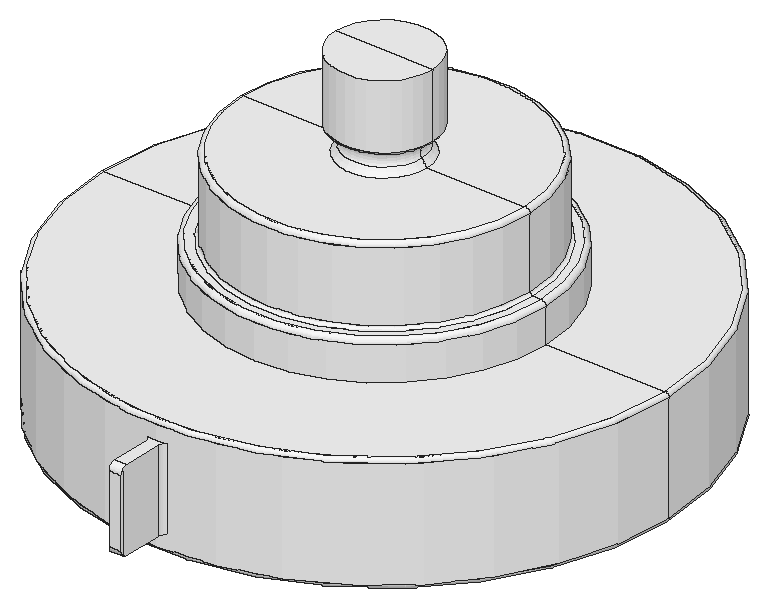
Revit family "S-3010_SPEAKMAN_NEO_SHOWER HEAD", category Generic Models, Revit 2023
Family settings
  Can host rebar = No
  Round Connector Dimension = Use Diameter
  Part Type = Normal
  Work Plane-Based = No
  Always vertical = Yes
  Cut with Voids When Loaded = No
  Maintain Annotation Orientation = No
  Shared = No
  Room Calculation Point = No
Parameters
  S-3010_SPEAKMAN_NEO_SHOWER HEAD = S-3010_SPEAKMAN_NEO_SHOWER HEAD
  Default Elevation = 0' - 0"
Reference planes (in)
  plane 1 "Center (Front/Back)": y = 0
  plane 2: z = 0
  plane 3 "Center (Left/Right)": x = 0
  plane 4: x = 2.75
  plane 5: x = -2.75
  plane 6: y = -3.25
  plane 7: y = -2.75
  plane 8: y = 2.75
  plane 9: z = -3.125
  plane 10: x = -0.46875
  plane 11: x = 0.46875
  plane 12: x = -1.40625
  plane 13: x = 1.40625
  plane 14: z = -0.625
  plane 15: z = -0.875
  plane 16: z = -1.625
  plane 17: x = -1.5625
  plane 18: x = 1.5625
  plane 19: z = -2
  plane 20: y = -0.46875
  plane 21: y = 0.46875
  plane 22: y = -1.40625
  plane 23: y = 1.40625
  plane 24: y = 1.5625
  plane 25: y = -1.5625
Forms (in)
  Revolve 1, solid, material "S-3010_SPEAKMAN_NEO_SHOWER HEAD" <- "S-3010_SPEAKMAN_NEO_SHOWER HEAD"
    sketch origin (0, 0, -3.125) x (1, 0, 0) y (0, 0, 1)
      loop
        line (0, 0) -> (0, 3.125) -> (-0.46875, 3.125) -> (-0.46875, 2.5)
        arc (-0.46875, 2.5) -> (-0.45439, 2.48445) -> (-0.43481, 2.47643) r 0.04889
        arc (-0.43481, 2.47643) -> (-0.35879, 2.41561) -> (-0.36117, 2.31828) r 0.10959
        arc (-0.36117, 2.31828) -> (-0.38459, 2.28281) -> (-0.4116, 2.25) r 0.40484
        line (-0.4116, 2.25) -> (-1.36078, 2.25)
        arc (-1.36078, 2.25) -> (-1.39293, 2.23668) -> (-1.40625, 2.20453) r 0.04547
        line (-1.40625, 2.20453) -> (-1.40625, 1.53102)
        arc (-1.40625, 1.53102) -> (-1.41534, 1.50909) -> (-1.43727, 1.5) r 0.03102
        line (-1.43727, 1.5) -> (-1.51504, 1.5)
        arc (-1.51504, 1.5) -> (-1.5486, 1.4861) -> (-1.5625, 1.45254) r 0.04746
        line (-1.5625, 1.45254) -> (-1.5625, 1.125) -> (-2.71157, 1.125)
        arc (-2.71157, 1.125) -> (-2.73874, 1.11374) -> (-2.75, 1.08657) r 0.03843
        line (-2.75, 1.08657) -> (-2.75, 0.03798)
        arc (-2.75, 0.03798) -> (-2.73888, 0.01112) -> (-2.71202, 0) r 0.03798
        line (-2.71202, 0) -> (0, 0)
      axis (0, 0) -> (0, 3.125)
    angle from 0 to 360
  Extrusion 2, void
    sketch origin (0, 0, -3.125) x (1, 0, 0) y (0, 1, 0)
      loop
        circle (0, 0) r 2.56644
      loop
        circle (0, 0) r 2.53998
      loop
        circle (0, 0) r 1.48181
      loop
        circle (0, 0) r 1.45567
      loop
        circle (0, 0) r 0.56247
      loop
        circle (0, 0) r 0.5771
      loop
        circle (0, 1.07027) r 0.31119
      loop
        circle (0, 1.07027) r 0.12936
      loop
        circle (1.01196, 0.34845) r 0.31119
      loop
        circle (1.01196, 0.34845) r 0.12936
      loop
        circle (0.6387, -0.8588) r 0.31119
      loop
        circle (0.6387, -0.8588) r 0.12936
      loop
        circle (-1.01196, 0.34845) r 0.31119
      loop
        circle (-1.01196, 0.34845) r 0.12936
      loop
        circle (-0.6387, -0.8588) r 0.31119
      loop
        circle (-0.6387, -0.8588) r 0.12936
      loop
        circle (-0.37138, 0.02058) r 0.03201
      loop
        circle (-0.31767, 0.14122) r 0.03201
      loop
        circle (-0.22608, 0.23281) r 0.03201
      loop
        circle (-0.10539, 0.26742) r 0.03201
      loop
        circle (-0.15491, -0.18963) r 0.03201
      loop
        circle (-0.06292, -0.27783) r 0.03201
      loop
        circle (0.05958, -0.31336) r 0.03201
      loop
        circle (0.18371, -0.29335) r 0.03201
      loop
        circle (0.18242, 0.34456) r 0.03201
      loop
        circle (0.26551, 0.24747) r 0.03201
      loop
        circle (0.2932, 0.12206) r 0.03201
      loop
        circle (0.26325, -0.0041) r 0.03201
    from 0 to 0.1441
  Extrusion 3, solid
    sketch origin (0, 0, -3.125) x (1, 0, 0) y (0, 1, 0)
      loop
        circle (0, 1.07027) r 0.31119
      loop
        arc (-0.17979, 0.94054) -> (0, 0.84856) -> (0.17979, 0.94054) r 0.22171
        line (0.17979, 0.94054) -> (0.20898, 0.91948)
        arc (0.20898, 0.91948) -> (0.23504, 0.92369) -> (0.23083, 0.94975) r 0.01867
        line (0.23083, 0.94975) -> (0.19907, 0.97267)
        arc (0.19907, 0.97267) -> (0.21416, 1.01292) -> (0.22121, 1.05533) r 0.22171
        line (0.22121, 1.05533) -> (0.25712, 1.05291)
        arc (0.25712, 1.05291) -> (0.277, 1.07027) -> (0.25964, 1.09016) r 0.01867
        line (0.25964, 1.09016) -> (0.22056, 1.09279)
        arc (0.22056, 1.09279) -> (0.21417, 1.12759) -> (0.20233, 1.16093) r 0.22171
        line (0.20233, 1.16093) -> (0.23518, 1.17565)
        arc (0.23518, 1.17565) -> (0.24458, 1.20032) -> (0.21991, 1.20972) r 0.01867
        line (0.21991, 1.20972) -> (0.18417, 1.19371)
        arc (0.18417, 1.19371) -> (0.15818, 1.22563) -> (0.12674, 1.25219) r 0.22171
        line (0.12674, 1.25219) -> (0.14731, 1.28173)
        arc (0.14731, 1.28173) -> (0.14267, 1.30771) -> (0.11668, 1.30307) r 0.01867
        line (0.11668, 1.30307) -> (0.0943, 1.27093)
        arc (0.0943, 1.27093) -> (0.05925, 1.28392) -> (0.02252, 1.29084) r 0.22171
        line (0.02252, 1.29084) -> (0.01988, 1.32991)
        arc (0.01988, 1.32991) -> (0, 1.34728) -> (-0.01737, 1.3274) r 0.01867
        line (-0.01737, 1.3274) -> (-0.01494, 1.29148)
        arc (-0.01494, 1.29148) -> (-0.05558, 1.28491) -> (-0.0943, 1.27093) r 0.22171
        line (-0.0943, 1.27093) -> (-0.11668, 1.30307)
        arc (-0.11668, 1.30307) -> (-0.14267, 1.30771) -> (-0.14731, 1.28173) r 0.01867
        line (-0.14731, 1.28173) -> (-0.12674, 1.25219)
        arc (-0.12674, 1.25219) -> (-0.15818, 1.22563) -> (-0.18417, 1.19371) r 0.22171
        line (-0.18417, 1.19371) -> (-0.21991, 1.20972)
        arc (-0.21991, 1.20972) -> (-0.24458, 1.20032) -> (-0.23518, 1.17565) r 0.01867
        line (-0.23518, 1.17565) -> (-0.20233, 1.16093)
        arc (-0.20233, 1.16093) -> (-0.21417, 1.12759) -> (-0.22056, 1.09279) r 0.22171
        line (-0.22056, 1.09279) -> (-0.25964, 1.09016)
        arc (-0.25964, 1.09016) -> (-0.277, 1.07027) -> (-0.25712, 1.05291) r 0.01867
        line (-0.25712, 1.05291) -> (-0.22121, 1.05533)
        arc (-0.22121, 1.05533) -> (-0.21416, 1.01292) -> (-0.19907, 0.97267) r 0.22171
        line (-0.19907, 0.97267) -> (-0.23083, 0.94975)
        arc (-0.23083, 0.94975) -> (-0.23504, 0.92369) -> (-0.20898, 0.91948) r 0.01867
        line (-0.20898, 0.91948) -> (-0.17979, 0.94054)
      loop
        circle (-1.01197, 0.34929) r 0.31119
      loop
        arc (-0.96032, 0.13368) -> (-0.8069, 0.26501) -> (-0.82363, 0.46627) r 0.22171
        line (-0.82363, 0.46627) -> (-0.79305, 0.48527)
        arc (-0.79305, 0.48527) -> (-0.78704, 0.51097) -> (-0.81275, 0.51698) r 0.01867
        line (-0.81275, 0.51698) -> (-0.84601, 0.49632)
        arc (-0.84601, 0.49632) -> (-0.87751, 0.52558) -> (-0.91406, 0.54822) r 0.22171
        line (-0.91406, 0.54822) -> (-0.89816, 0.58051)
        arc (-0.89816, 0.58051) -> (-0.90667, 0.6055) -> (-0.93166, 0.597) r 0.01867
        line (-0.93166, 0.597) -> (-0.94895, 0.56186)
        arc (-0.94895, 0.56186) -> (-0.98357, 0.56918) -> (-1.01891, 0.5709) r 0.22171
        line (-1.01891, 0.5709) -> (-1.02003, 0.60688)
        arc (-1.02003, 0.60688) -> (-1.03928, 0.62495) -> (-1.05735, 0.60571) r 0.01867
        line (-1.05735, 0.60571) -> (-1.05612, 0.56656)
        arc (-1.05612, 0.56656) -> (-1.09553, 0.55465) -> (-1.13205, 0.53567) r 0.22171
        line (-1.13205, 0.53567) -> (-1.15155, 0.56593)
        arc (-1.15155, 0.56593) -> (-1.17735, 0.57151) -> (-1.18293, 0.54571) r 0.01867
        line (-1.18293, 0.54571) -> (-1.16172, 0.51279)
        arc (-1.16172, 0.51279) -> (-1.18705, 0.48531) -> (-1.20741, 0.45397) r 0.22171
        line (-1.20741, 0.45397) -> (-1.24456, 0.46638)
        arc (-1.24456, 0.46638) -> (-1.26817, 0.45459) -> (-1.25639, 0.43097) r 0.01867
        line (-1.25639, 0.43097) -> (-1.22225, 0.41956)
        arc (-1.22225, 0.41956) -> (-1.23161, 0.37948) -> (-1.23341, 0.33835) r 0.22171
        line (-1.23341, 0.33835) -> (-1.27164, 0.32986)
        arc (-1.27164, 0.32986) -> (-1.28581, 0.30759) -> (-1.26354, 0.29342) r 0.01867
        line (-1.26354, 0.29342) -> (-1.2284, 0.30122)
        arc (-1.2284, 0.30122) -> (-1.21579, 0.26204) -> (-1.19614, 0.22587) r 0.22171
        line (-1.19614, 0.22587) -> (-1.22454, 0.1989)
        arc (-1.22454, 0.1989) -> (-1.22522, 0.17251) -> (-1.19883, 0.17183) r 0.01867
        line (-1.19883, 0.17183) -> (-1.17273, 0.19662)
        arc (-1.17273, 0.19662) -> (-1.1464, 0.17299) -> (-1.11664, 0.15385) r 0.22171
        line (-1.11664, 0.15385) -> (-1.12905, 0.1167)
        arc (-1.12905, 0.1167) -> (-1.11726, 0.09308) -> (-1.09364, 0.10487) r 0.01867
        line (-1.09364, 0.10487) -> (-1.08224, 0.13901)
        arc (-1.08224, 0.13901) -> (-1.04033, 0.1294) -> (-0.99736, 0.12806) r 0.22171
        line (-0.99736, 0.12806) -> (-0.98824, 0.08998)
        arc (-0.98824, 0.08998) -> (-0.96574, 0.07617) -> (-0.95193, 0.09867) r 0.01867
        line (-0.95193, 0.09867) -> (-0.96032, 0.13368)
      loop
        circle (-0.6387, -0.85796) r 0.31119
      loop
        arc (-0.41857, -0.88439) -> (-0.48847, -0.69491) -> (-0.68301, -0.64072) r 0.22171
        line (-0.68301, -0.64072) -> (-0.69021, -0.60545)
        arc (-0.69021, -0.60545) -> (-0.71223, -0.59089) -> (-0.72679, -0.61291) r 0.01867
        line (-0.72679, -0.61291) -> (-0.71896, -0.65128)
        arc (-0.71896, -0.65128) -> (-0.75734, -0.67066) -> (-0.79126, -0.69707) r 0.22171
        line (-0.79126, -0.69707) -> (-0.81602, -0.67095)
        arc (-0.81602, -0.67095) -> (-0.84241, -0.67025) -> (-0.84311, -0.69664) r 0.01867
        line (-0.84311, -0.69664) -> (-0.81617, -0.72506)
        arc (-0.81617, -0.72506) -> (-0.83505, -0.75498) -> (-0.84893, -0.78753) r 0.22171
        line (-0.84893, -0.78753) -> (-0.88306, -0.77609)
        arc (-0.88306, -0.77609) -> (-0.90669, -0.78786) -> (-0.89492, -0.81149) r 0.01867
        line (-0.89492, -0.81149) -> (-0.85779, -0.82393)
        arc (-0.85779, -0.82393) -> (-0.8603, -0.86502) -> (-0.85518, -0.90586) r 0.22171
        line (-0.85518, -0.90586) -> (-0.89033, -0.91364)
        arc (-0.89033, -0.91364) -> (-0.90452, -0.93589) -> (-0.88226, -0.95009) r 0.01867
        line (-0.88226, -0.95009) -> (-0.84402, -0.94163)
        arc (-0.84402, -0.94163) -> (-0.82705, -0.97493) -> (-0.80473, -1.0049) r 0.22171
        line (-0.80473, -1.0049) -> (-0.82926, -1.03542)
        arc (-0.82926, -1.03542) -> (-0.82641, -1.06167) -> (-0.80017, -1.05881) r 0.01867
        line (-0.80017, -1.05881) -> (-0.77761, -1.03076)
        arc (-0.77761, -1.03076) -> (-0.74328, -1.05346) -> (-0.70533, -1.06942) r 0.22171
        line (-0.70533, -1.06942) -> (-0.71064, -1.10822)
        arc (-0.71064, -1.10822) -> (-0.69468, -1.12925) -> (-0.67366, -1.11329) r 0.01867
        line (-0.67366, -1.11329) -> (-0.66878, -1.07762)
        arc (-0.66878, -1.07762) -> (-0.62765, -1.07939) -> (-0.5869, -1.07353) r 0.22171
        line (-0.5869, -1.07353) -> (-0.57147, -1.10953)
        arc (-0.57147, -1.10953) -> (-0.54696, -1.11933) -> (-0.53716, -1.09482) r 0.01867
        line (-0.53716, -1.09482) -> (-0.55135, -1.06173)
        arc (-0.55135, -1.06173) -> (-0.52004, -1.04524) -> (-0.49176, -1.02398) r 0.22171
        line (-0.49176, -1.02398) -> (-0.46124, -1.04852)
        arc (-0.46124, -1.04852) -> (-0.435, -1.04567) -> (-0.43785, -1.01942) r 0.01867
        line (-0.43785, -1.01942) -> (-0.4659, -0.99687)
        arc (-0.4659, -0.99687) -> (-0.44234, -0.96091) -> (-0.42617, -0.92108) r 0.22171
        line (-0.42617, -0.92108) -> (-0.38728, -0.92574)
        arc (-0.38728, -0.92574) -> (-0.36653, -0.90944) -> (-0.38283, -0.88868) r 0.01867
        line (-0.38283, -0.88868) -> (-0.41857, -0.88439)
      loop
        circle (1.01197, 0.34929) r 0.31119
      loop
        line (0.96032, 0.13368) -> (0.95193, 0.09867)
        arc (0.95193, 0.09867) -> (0.96574, 0.07617) -> (0.98824, 0.08998) r 0.01867
        line (0.98824, 0.08998) -> (0.99736, 0.12806)
        arc (0.99736, 0.12806) -> (1.04033, 0.1294) -> (1.08224, 0.13901) r 0.22171
        line (1.08224, 0.13901) -> (1.09364, 0.10487)
        arc (1.09364, 0.10487) -> (1.11726, 0.09308) -> (1.12905, 0.1167) r 0.01867
        line (1.12905, 0.1167) -> (1.11664, 0.15385)
        arc (1.11664, 0.15385) -> (1.1464, 0.17299) -> (1.17273, 0.19662) r 0.22171
        line (1.17273, 0.19662) -> (1.19883, 0.17183)
        arc (1.19883, 0.17183) -> (1.22522, 0.17251) -> (1.22454, 0.1989) r 0.01867
        line (1.22454, 0.1989) -> (1.19614, 0.22587)
        arc (1.19614, 0.22587) -> (1.21579, 0.26204) -> (1.2284, 0.30122) r 0.22171
        line (1.2284, 0.30122) -> (1.26354, 0.29342)
        arc (1.26354, 0.29342) -> (1.28581, 0.30759) -> (1.27164, 0.32986) r 0.01867
        line (1.27164, 0.32986) -> (1.23341, 0.33835)
        arc (1.23341, 0.33835) -> (1.23161, 0.37948) -> (1.22225, 0.41956) r 0.22171
        line (1.22225, 0.41956) -> (1.25639, 0.43097)
        arc (1.25639, 0.43097) -> (1.26817, 0.45459) -> (1.24456, 0.46638) r 0.01867
        line (1.24456, 0.46638) -> (1.20741, 0.45397)
        arc (1.20741, 0.45397) -> (1.18705, 0.48531) -> (1.16172, 0.51279) r 0.22171
        line (1.16172, 0.51279) -> (1.18293, 0.54571)
        arc (1.18293, 0.54571) -> (1.17735, 0.57151) -> (1.15155, 0.56593) r 0.01867
        line (1.15155, 0.56593) -> (1.13205, 0.53567)
        arc (1.13205, 0.53567) -> (1.09553, 0.55465) -> (1.05612, 0.56656) r 0.22171
        line (1.05612, 0.56656) -> (1.05735, 0.60571)
        arc (1.05735, 0.60571) -> (1.03928, 0.62495) -> (1.02003, 0.60688) r 0.01867
        line (1.02003, 0.60688) -> (1.01891, 0.5709)
        arc (1.01891, 0.5709) -> (0.98357, 0.56918) -> (0.94895, 0.56186) r 0.22171
        line (0.94895, 0.56186) -> (0.93166, 0.597)
        arc (0.93166, 0.597) -> (0.90667, 0.6055) -> (0.89816, 0.58051) r 0.01867
        line (0.89816, 0.58051) -> (0.91406, 0.54822)
        arc (0.91406, 0.54822) -> (0.87751, 0.52558) -> (0.84601, 0.49632) r 0.22171
        line (0.84601, 0.49632) -> (0.81275, 0.51698)
        arc (0.81275, 0.51698) -> (0.78704, 0.51097) -> (0.79305, 0.48527) r 0.01867
        line (0.79305, 0.48527) -> (0.82363, 0.46627)
        arc (0.82363, 0.46627) -> (0.8069, 0.26501) -> (0.96032, 0.13368) r 0.22171
      loop
        circle (0.6387, -0.85796) r 0.31119
      loop
        line (0.41857, -0.88439) -> (0.38283, -0.88868)
        arc (0.38283, -0.88868) -> (0.36653, -0.90944) -> (0.38728, -0.92574) r 0.01867
        line (0.38728, -0.92574) -> (0.42617, -0.92108)
        arc (0.42617, -0.92108) -> (0.44234, -0.96091) -> (0.4659, -0.99687) r 0.22171
        line (0.4659, -0.99687) -> (0.43785, -1.01942)
        arc (0.43785, -1.01942) -> (0.435, -1.04567) -> (0.46124, -1.04852) r 0.01867
        line (0.46124, -1.04852) -> (0.49176, -1.02398)
        arc (0.49176, -1.02398) -> (0.52004, -1.04524) -> (0.55135, -1.06173) r 0.22171
        line (0.55135, -1.06173) -> (0.53716, -1.09482)
        arc (0.53716, -1.09482) -> (0.54696, -1.11933) -> (0.57147, -1.10953) r 0.01867
        line (0.57147, -1.10953) -> (0.5869, -1.07353)
        arc (0.5869, -1.07353) -> (0.62765, -1.07939) -> (0.66878, -1.07762) r 0.22171
        line (0.66878, -1.07762) -> (0.67366, -1.11329)
        arc (0.67366, -1.11329) -> (0.69468, -1.12925) -> (0.71064, -1.10822) r 0.01867
        line (0.71064, -1.10822) -> (0.70533, -1.06942)
        arc (0.70533, -1.06942) -> (0.74328, -1.05346) -> (0.77761, -1.03076) r 0.22171
        line (0.77761, -1.03076) -> (0.80017, -1.05881)
        arc (0.80017, -1.05881) -> (0.82641, -1.06167) -> (0.82926, -1.03542) r 0.01867
        line (0.82926, -1.03542) -> (0.80473, -1.0049)
        arc (0.80473, -1.0049) -> (0.82705, -0.97493) -> (0.84402, -0.94163) r 0.22171
        line (0.84402, -0.94163) -> (0.88226, -0.95009)
        arc (0.88226, -0.95009) -> (0.90452, -0.93589) -> (0.89033, -0.91364) r 0.01867
        line (0.89033, -0.91364) -> (0.85518, -0.90586)
        arc (0.85518, -0.90586) -> (0.8603, -0.86502) -> (0.85779, -0.82393) r 0.22171
        line (0.85779, -0.82393) -> (0.89492, -0.81149)
        arc (0.89492, -0.81149) -> (0.90669, -0.78786) -> (0.88306, -0.77609) r 0.01867
        line (0.88306, -0.77609) -> (0.84893, -0.78753)
        arc (0.84893, -0.78753) -> (0.83505, -0.75498) -> (0.81617, -0.72506) r 0.22171
        line (0.81617, -0.72506) -> (0.84311, -0.69664)
        arc (0.84311, -0.69664) -> (0.84241, -0.67025) -> (0.81602, -0.67095) r 0.01867
        line (0.81602, -0.67095) -> (0.79126, -0.69707)
        arc (0.79126, -0.69707) -> (0.75734, -0.67066) -> (0.71896, -0.65128) r 0.22171
        line (0.71896, -0.65128) -> (0.72679, -0.61291)
        arc (0.72679, -0.61291) -> (0.71223, -0.59089) -> (0.69021, -0.60545) r 0.01867
        line (0.69021, -0.60545) -> (0.68301, -0.64072)
        arc (0.68301, -0.64072) -> (0.48847, -0.69491) -> (0.41857, -0.88439) r 0.22171
    from 0 to 0.04005
  Extrusion 4, solid, material "S-3010_SPEAKMAN_NEO_SHOWER HEAD" <- "S-3010_SPEAKMAN_NEO_SHOWER HEAD"
    sketch origin (0, 0, -3.125) x (1, 0, 0) y (0, 1, 0)
      loop
        arc (-0.0988, -2.73612) -> (-0.06931, -2.7706) -> (-0.05871, -2.81472) r 0.09708
        line (-0.05871, -2.81472) -> (-0.05871, -3.23817)
        arc (-0.05871, -3.23817) -> (0, -3.29688) -> (0.05871, -3.23817) r 0.05871
        line (0.05871, -3.23817) -> (0.05871, -2.81472)
        arc (0.05871, -2.81472) -> (0.06931, -2.7706) -> (0.0988, -2.73612) r 0.09708
        arc (0.0988, -2.73612) -> (0, -2.7379) -> (-0.0988, -2.73612) r 2.75
    from 0.125 to 1
  Extrusion 5, void
    sketch origin (0, 0, 0) x (0, 1, 0) y (0, 0, 1)
      loop
        line (-2.73612, -2.125) -> (-3.29688, -2.125) -> (-3.29688, -3) -> (-2.73612, -3) -> (-2.73612, -2.95313) -> (-3.20174, -2.95313)
        arc (-3.20174, -2.95313) -> (-3.23649, -2.93082) -> (-3.25, -2.8918) r 0.06309
        line (-3.25, -2.8918) -> (-3.25, -2.2332)
        arc (-3.25, -2.2332) -> (-3.23152, -2.18859) -> (-3.18691, -2.17011) r 0.06309
        line (-3.18691, -2.17011) -> (-2.73612, -2.17011) -> (-2.73612, -2.125)
    from -0.91406 to 0.54404
  Extrusion 6, void
    sketch origin (0, -0.02344, 0) x (0, 1, 0) y (0, 0, 1)
      loop
        line (0.44269, -0.19043) -> (0.44269, -0.64857) -> (0.67143, -0.64857) -> (0.67143, -0.19043) -> (0.44269, -0.19043)
    from -0.72787 to 0.72689
Cuts and joins
  Extrusion 2, Extrusion 6 cuts Revolve 1
  Extrusion 5 cuts Extrusion 4
Dimensions and locks (in)
  plane 5 to plane 4 = 0' - 5 1/2"  (x2)
  level to plane 9 = 0' - 3 1/8"  (x3)
  plane 8 to plane 7 = 0' - 5 1/2"  (x2)
  plane 8 to plane 6 = 0' - 6"  (x2)
  plane 7 to plane 8 = 0' - 5 1/2"
  plane 6 to plane 8 = 0' - 6"
  plane 4 to plane 5 = 0' - 5 1/2"
  plane 9 to level = 0' - 3 1/8"
  plane 11 to plane 10 = 0' - 0 15/16"  (x2)
  plane 13 to plane 12 = 0' - 2 13/16"
  level to plane 14 = 0' - 0 5/8"
  plane 14 to plane 15 = 0' - 0 1/4"
  plane 15 to plane 16 = 0' - 0 3/4"
  plane 18 to plane 17 = 0' - 3 1/8"  (x2)
  plane 16 to plane 19 to plane 9 = 0' - 0 3/8", 0' - 1 1/8"
  plane 23 to plane 22 = 0' - 2 13/16"  (x2)
  plane 21 to plane 20 = 0' - 0 15/16"
  plane 24 to plane 25 = 0' - 3 1/8"  (x2)
  level to plane 14 to plane 15 to plane 16 to plane 19 to plane 9 = 0' - 0 5/8", 0' - 0 1/4", 0' - 0 3/4", 0' - 0 3/8", 0' - 1 1/8"  (x2)
  plane 25 to plane 24 = 0' - 3 1/8"
  plane 22 to plane 23 = 0' - 2 13/16"
  plane 20 to plane 21 = 0' - 0 15/16"  (x2)
  plane 12 to plane 13 = 0' - 2 13/16"
  plane 9 to plane 19 to plane 16 to plane 15 to plane 14 to level = 0' - 1 1/8", 0' - 0 3/8", 0' - 0 3/4", 0' - 0 1/4", 0' - 0 5/8"
  aligned and locked: plane 2 to level
